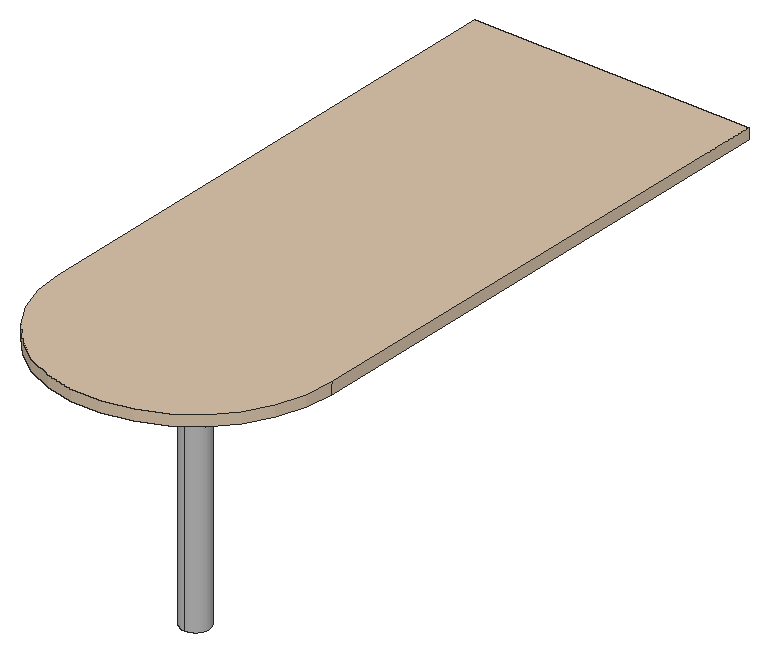
Revit family "Haworth_Compose_Worksurface_DShapedConvergent", category Furniture Systems, Revit 2018
Family settings
  Round Connector Dimension = Use Diameter
  Part Type = Normal
  OmniClass Number = 23.40.70.14.64.21.21
  OmniClass Title = Desk System
  Work Plane-Based = No
  Always vertical = Yes
  Cut with Voids When Loaded = No
  Shared = No
  Room Calculation Point = No
Parameters (values of type "72L 30d")
  Worksurface Finish = Haworth _ Laminate _ Maple H-AE
  Worksurface Edge Finish = Haworth _ Laminate _ Maple H-AE
  Warranty = "http://www.haworth.com/resources/product-info/warranties"
  URL - Product = "http://www.haworth.com/products/workspaces/panel-based/compose"
  Sustainability Info = "http://media.haworth.com/asset/2999/Compose%20PEDS.pdf"
  Support Finish = Haworth _ Paint _ Metallic Champagne
  Support Column = not(Disc Base Support)  # yes
  Standard Worksurface Thickness = not(Deep Worksurface Thickness)  # yes
  Radius = Actual Width / 2  # 15"
  Model = "WURD"  # constant formula
  Min. Height = 26"  # constant formula
  Max. Height = 42"  # constant formula
  Leg Location = 15"  # constant formula
  Type Comments = ""
  Length = 72"
  URL = "www.haworth.com"
  Support Height = Actual Height - Top Thickness  # 27 13/16"
  Size = "Verify Final Dim. w/ Haworth"  # constant formula
  Revision Number = "4"  # constant formula
  Standard Length = "36-72 in. @ 6 in. increments"  # constant formula
  Standard Widths = "18,24, 30 in."  # constant formula
  Min. Width = 36"  # constant formula
  Max. Width = 72"  # constant formula
  Min. Depth = 18"  # constant formula
  Max. Depth = 36"  # constant formula
  Manufacturer = "Haworth"  # constant formula
  Height = 29"
  End Support Location = 1 3/4"  # constant formula
  Disc Base Support = no
  Description = "Haworth - Worksurface - Compose Convergent - D-shaped"  # constant formula
  Depth = 30"
  Deep Worksurface Thickness = no
  Custom Size = not(and(and(not(Height > 32"), not(Height < 26")), or(Depth = 18", Depth = 24", Depth = 30", Depth = 36"), or(Length = 42", Length = 48", Length = 54", Length = 60", Length = 66", Length = 72", Length = 78", Length = 84", Length = 90", Length = 96")))  # no
  Cantilever Support Location = 1 3/4"  # constant formula
  Cantilever Bracket [instance] = no
  Author = "SHAPE Environments, LLC"  # constant formula
  Assembly Code = "E2020200"
  Actual Width = if(Depth > Max. Depth, Max. Depth, if(Depth < Min. Depth, Min. Depth, Depth))  # 30"
  Actual Length = if(Length > Max. Width, Max. Width, if(Length < Min. Width, Min. Width, Length))  # 72"
  Actual Height = if(Height > Max. Height, Max. Height, if(Height < Min. Height, Min. Height, Height))  # 29"
  Top Thickness = if(Deep Worksurface Thickness, 2", 1 3/16")  # 1 3/16"
Types (21): name | Radius | Length | Depth | Custom Size | Actual Width | Actual Length
  60L 30d | 15" | 60" | 30" | no | 30" | 60"
  72L 30d | 15" | 72" | 30" | no | 30" | 72"
  66L 30d | 15" | 66" | 30" | no | 30" | 66"
  54L 30d | 15" | 54" | 30" | no | 30" | 54"
  48L 30d | 15" | 48" | 30" | no | 30" | 48"
  42L 30d | 15" | 42" | 30" | no | 30" | 42"
  36L 30d | 15" | 36" | 30" | yes | 30" | 36"
  72L 24d | 12" | 72" | 24" | no | 24" | 72"
  66L 24d | 12" | 66" | 24" | no | 24" | 66"
  60L 24d | 12" | 60" | 24" | no | 24" | 60"
  54L 24d | 12" | 54" | 24" | no | 24" | 54"
  48L 24d | 12" | 48" | 24" | no | 24" | 48"
  42L 24d | 12" | 42" | 24" | no | 24" | 42"
  36L 24d | 12" | 36" | 24" | yes | 24" | 36"
  72L 18d | 9" | 72" | 18" | no | 18" | 72"
  66L 18d | 9" | 66" | 18" | no | 18" | 66"
  60L 18d | 9" | 60" | 18" | no | 18" | 60"
  54L 18d | 9" | 54" | 18" | no | 18" | 54"
  48L 18d | 9" | 48" | 18" | no | 18" | 48"
  42L 18d | 9" | 42" | 18" | no | 18" | 42"
  36L 18d | 9" | 36" | 18" | yes | 18" | 36"
Reference planes (in)
  plane 1 "Center F/B": y = 0
  plane 2 "Floor": z = 0
  plane 3 "Center L/R": x = 0
  plane 4 "Left": y = -36
  plane 5 "Right": y = 36
  plane 6 "Table Edge Back": x = 15
  plane 7 "Table Edge Front": x = -15
  plane 8 "Top": z = 29
  plane 9 "Top Bottom": z = 27.8125
  plane 10 "Masking Region": z = 27
  plane 11: y = -21
Forms (in)
  Extrusion 1, solid, material "Haworth _ Laminate _ Maple H-AE" <- "Worksurface Finish"
    sketch origin (0, 0, 0) x (0, 1, 0) y (-1, 0, 0)
      loop
        line (36, 15) -> (-21, 15)
        arc (-21, 15) -> (-36, 0) -> (-21, -15) r 15
        line (-21, -15) -> (36, -15) -> (36, 15)
    from 27.8125 to 29
Lines and regions (in)
  Masking region 1
    outline origin (0, 0, 27) x (0, -1, 0) y (1, 0, 0)
      loop
        line (-36, -15) -> (21, -15)
        arc (21, -15) -> (36, 0) -> (21, 15) r 15
        line (21, 15) -> (-36, 15) -> (-36, -15)
Dimensions and locks (in)
  "Actual Width": plane 7 "Table Edge Front" to plane 6 "Table Edge Back"
  "Actual Length": plane 4 "Left" to plane 5 "Right"
  "Actual Height": plane 8 "Top" to level
  "Top Thickness": plane 8 "Top" to plane 9 "Top Bottom"
  equal spacing: plane 7 "Table Edge Front", plane 3 "Center L/R", plane 6 "Table Edge Back"
  equal spacing: plane 5 "Right", plane 1 "Center F/B", plane 4 "Left"
  locked: plane 8 "Top" to plane 10 "Masking Region" at 2
  "Cantilever Support Location": plane 7 "Table Edge Front" to nested 4
  "Cantilever Support Location": nested 5 to plane 6 "Table Edge Back"
  "Radius": plane 4 "Left" to plane 11
  aligned and locked: Extrusion 1 sketch curve to plane 6 "Table Edge Back"
  aligned and locked: plane 7 "Table Edge Front" to Extrusion 1 sketch curve
  aligned and locked: plane 5 "Right" to Extrusion 1 sketch curve
  aligned and locked: Extrusion 1 to plane 8 "Top"
  aligned and locked: plane 9 "Top Bottom" to Extrusion 1
  aligned and locked: plane 3 "Center L/R" to nested 1
  aligned and locked: Masking region 1 sketch curve to plane 5 "Right"
  aligned and locked: plane 5 "Right" to nested 5
  aligned and locked: plane 5 "Right" to nested 4
  aligned and locked: nested 1 to plane 11
  aligned and locked: Masking region 1 to Extrusion 1
Automatic sketch dimensions
  plane 11 to Extrusion 1 sketch curve = 0"
  plane 11 to Masking region 1 sketch curve = 0"
  Masking region 1 sketch curve to plane 7 "Table Edge Front" = 0"
  plane 3 "Center L/R" to Masking region 1 sketch curve = 0"
Nested families (in)
  nested 1: "Haworth_Worksurface-Support_Part-Round" at (5.5, -21, 0) x (0, 1, 0) z (0, 0, 1), type "Base"
    with Disc Base no
  nested 2: "Haworth_Worksurface-Support_Part-Leg" at (-20.5, -5.76069, 0), type "Support"
  nested 3: "Haworth_Worksurface-Support_Part-Leg" at (20.5, -5.76069, 0) x (-1, 0, 0) z (0, 0, 1), type "Support"
  nested 4: "Haworth_Worksurface-Support_Part-Cantilever-Compose" at (-23.32813, 28.86431, 0), type "Support"
    with Cantilever Bracket no
  nested 5: "Haworth_Worksurface-Support_Part-Cantilever-Compose" at (23.32813, 28.86431, 0) x (-1, 0, 0) z (0, 0, 1), type "Support"
    with Cantilever Bracket no
Definition of nested family "Haworth_Worksurface-Support_Part-Round"
  Parameters
    Warranty = ""
    URL - Product = ""
    URL = "www.haworth.com"
    Support Column = yes
    Leg Height = 27 13/16"
    Disc Radius = 10 1/2"
    Disc Base = yes
    Base Finish = none
    Sustainability Info = ""
    Size = "Verify Final Dim. w/ Haworth"  # constant formula
    Revision Number = ""
    OmniClass Number = ""
    Material Options = ""
    Manufacturer = "Haworth"  # constant formula
    LEED Data = ""
    Author = "SHAPE Environments, LLC"  # constant formula
    Assembly Code = ""
  Reference planes (in)
    plane 1 "Center F/B": y = 5.5
    plane 2: z = 0
    plane 3 "Center L/R": x = 0
    plane 4 "Table Bottom": z = 27.8125
  Forms (in)
    Revolve 1, solid, material <- "Base Finish", visible <- "Disc Base"
      sketch origin (0, 5.5, 0) x (1, 0, 0) y (0, 0, 1)
        loop
          line (0, 27.8125) -> (-1.5, 27.8125) -> (-1.5, 1.25) -> (-3.53244, 1.25) -> (-4.28244, 0.5) -> (-10.5, 0.5) -> (-10.5, 0) -> (0, 0) -> (0, 27.8125)
        axis (0, 27.8125) -> (0, 0)
      angle from 0 to 360
    Revolve 2, solid, material <- "Base Finish", visible <- "Support Column"
      sketch origin (0, 5.5, 0) x (1, 0, 0) y (0, 0, 1)
        loop
          line (0, 27.8125) -> (-1.5, 27.8125) -> (-1.5, 0) -> (0, 0) -> (0, 27.8125)
        axis (0, 27.8125) -> (0, 0)
      angle from 0 to 360
  Lines and regions (in)
    symbolic lines, visible <- "Disc Base", detail levels fine
      curve 1: circle (0, 5.5, 0) r 10.5 normal (0, 0, 1)
      curve 3: circle (0, 5.5, 0) r 1.5 normal (0, 0, 1)
    symbolic lines, visible <- "Support Column", detail levels fine
      curve 2: circle (0, 5.5, 0) r 1.5 normal (0, 0, 1)
  Dimensions and locks (in)
    "Disc Radius": plane 3 "Center L/R" to Revolve 1 sketch curve
    "Leg Height": plane 4 "Table Bottom" to level
    plane 3 "Center L/R" to Revolve 1 sketch curve = 1 1/2"
    locked: plane 3 "Center L/R" to Revolve 2 sketch curve at 1.5
    aligned and locked: Revolve 1 to plane 4 "Table Bottom"  (x2)
  Automatic sketch dimensions
    Revolve 1 sketch curve to level = 0"
    Revolve 1 sketch curve to plane 4 "Table Bottom" = 0"
    Revolve 1 sketch curve to plane 3 "Center L/R" = 0"  (x2)
    Revolve 1 sketch curve to Revolve 1 sketch curve = 2.03244"
    level to Revolve 1 sketch curve = 1/2"
    Revolve 1 sketch curve to Revolve 1 sketch curve = 3/4"
    Revolve 1 sketch curve to Revolve 1 sketch curve = 6.24462"
    level to Revolve 1 sketch curve = 1 1/4"
    Revolve 1 sketch curve to Revolve 1 sketch curve = 7.21204"
    Revolve 2 sketch curve to plane 4 "Table Bottom" = 0"
    Revolve 2 sketch curve to plane 3 "Center L/R" = 0"  (x2)
    Revolve 2 sketch curve to Revolve 2 sketch curve = 6.24462"
    Revolve 2 sketch curve to Revolve 2 sketch curve = 7.21204"
    Revolve 2 sketch curve to level = 0"
    curve 1 to curve 2 = 0"  (x2)
    curve 1 to curve 3 = 0"  (x2)
    curve 2 to curve 3 = 0"  (x2)
    plane 1 "Center F/B" to curve 2 = 0"
    curve 2 to plane 3 "Center L/R" = 0"
    radius of curve 1 = 10 1/2"
    radius of curve 2 = 1 1/2"
    radius of curve 3 = 1 1/2"
Definition of nested family "Haworth_Worksurface-Support_Part-Leg"
  Parameters
    Top Thickness = 1 3/16"
    Support Post Standard = no
    Support Post 45 Degree = no
    Support Height = Actual Height - Top Thickness  # 27 13/16"
    Model = "Worksurface"
    Worksurface Height = 29"
    Warranty = "www.haworth.com/en-us/Products/Pages/Certifications.aspx"
    URL - Product = "www.haworth.com/en-us/Products/Furniture/Systems/Desking-Systems/Pages/Compose.aspx"
    URL = "www.haworth.com"
    Sustainability Info = "www.haworth.com/en-us/About-Us/Sustainability/Pages/Vision.aspx"
    Support Finish = none
    Size = "Verify Final Dim. w/ Haworth"  # constant formula
    Revision Number = "1"  # constant formula
    Min/Max Height = "26-32 in."  # constant formula
    Min. Height = 20"  # constant formula
    Max. Height = 48"  # constant formula
    Manufacturer = "Haworth"  # constant formula
    LEED Data = "www.haworth.com/_layouts/Haworth.ProductCatalog/Handlers/GetAsset.ashx/ComposeLEEDContributions.pdf?cid=27&rid=1824&type=Leed"
    Description = "Worksurface Support"  # constant formula
    Author = "SHAPE Environments, LLC"  # constant formula
    Assembly Code = "E2020200"
    Actual Top Thickness = if(Top Thickness > 3", 3", if(Top Thickness < 1", 1", Top Thickness))  # 1 3/16"
    Actual Height = 29"
  Reference planes (in)
    plane 1: z = 0
    plane 2 "Center L/R": x = 8.5
    plane 3 "Support Top": z = 27.8125
    plane 4 "Center F/B": y = -21.23931
  Forms (in)
    Extrusion 1, solid, material <- "Support Finish", visible <- "Support Post Standard"
      sketch origin (0, 0, 0) x (1, 0, 0) y (0, 1, 0)
        loop
          line (7.75, -22.86431) -> (9.25, -22.86431) -> (9.25, -19.61431) -> (7.75, -19.61431) -> (7.75, -22.86431)
      from 0 to 27.8125
    Extrusion 2, solid, material <- "Support Finish", visible <- "Support Post 45 Degree"
      sketch origin (17.50805, -0.21044, 0) x (0.707107, -0.707107, 0) y (0.707107, 0.707107, 0)
        loop
          line (7.75, -22.86431) -> (9.25, -22.86431) -> (9.25, -19.61431) -> (7.75, -19.61431) -> (7.75, -22.86431)
      from 0 to 27.8125
  Lines and regions (in)
    symbolic lines, visible <- "Support Post Standard", detail levels fine
      curve 1: line (7.75, -19.61431, 0) -> (9.25, -19.61431, 0)
      curve 2: line (7.75, -22.86431, 0) -> (7.75, -19.61431, 0)
      curve 3: line (9.25, -22.86431, 0) -> (7.75, -22.86431, 0)
      curve 4: line (9.25, -19.61431, 0) -> (9.25, -22.86431, 0)
    symbolic lines, visible <- "Support Post 45 Degree", detail levels fine
      curve 5: line (6.82062, -21.85803, 0) -> (9.11872, -19.55993, 0)
      curve 6: line (9.11872, -19.55993, 0) -> (10.17938, -20.62059, 0)
      curve 7: line (10.17938, -20.62059, 0) -> (7.88128, -22.91869, 0)
      curve 8: line (7.88128, -22.91869, 0) -> (6.82062, -21.85803, 0)
  Dimensions and locks (in)
    "Support Height": plane 3 "Support Top" to level
    aligned and locked: plane 3 "Support Top" to Extrusion 1
    aligned and locked: plane 3 "Support Top" to Extrusion 2
  Automatic sketch dimensions
    Extrusion 1 sketch curve to plane 4 "Center F/B" = 1 5/8"
    plane 2 "Center L/R" to Extrusion 1 sketch curve = 3/4"
    Extrusion 1 sketch curve to plane 2 "Center L/R" = 3/4"
    plane 4 "Center F/B" to Extrusion 1 sketch curve = 1 5/8"
    plane 2 "Center L/R" to Extrusion 2 sketch curve = 0.61872"
    Extrusion 2 sketch curve to plane 4 "Center F/B" = 1.67938"
    Extrusion 2 sketch curve to Extrusion 2 sketch curve = 1 1/2"
    Extrusion 2 sketch curve to Extrusion 2 sketch curve = 3 1/4"
    plane 4 "Center F/B" to curve 5 = 0.61872"
    curve 2 to plane 2 "Center L/R" = 3/4"
    curve 2 to curve 7 = 0.13128"
    plane 2 "Center L/R" to curve 6 = 0.61872"
    curve 5 to curve 4 = 0.13128"
    curve 6 to plane 4 "Center F/B" = 0.61872"
    curve 1 to curve 6 = 0.92938"
    curve 7 to curve 2 = 0.05438"
    curve 1 to curve 5 = 0.05438"
Definition of nested family "Haworth_Worksurface-Support_Part-Cantilever-Compose"
  Parameters
    Worksurface Height = 29"
    Worksurface Depth = 30"
    Warranty = ""
    URL - Product = ""
    URL = "www.haworth.com"
    Top Thickness = 1 3/16"
    Sustainability Info = ""
    Support Thickness = 3/32"  # constant formula
    Support Height = Actual Height - Top Thickness  # 27 13/16"
    Support Finish = none
    Support Depth = 16"  # constant formula
    Size = "Verify Final Dim. w/ Haworth"  # constant formula
    Revision Number = "1"  # constant formula
    Model = "Worksurface"
    Standard Height = "12.75 in."  # constant formula
    Standard Depth = "15.75 in."  # constant formula
    Min. Height = 20"  # constant formula
    Min. Depth = 18"  # constant formula
    Max. Height = 48"  # constant formula
    Max. Depth = 36"  # constant formula
    Manufacturer = "Haworth"  # constant formula
    LEED Data = ""
    Description = "Worksurface Support End"  # constant formula
    Cantilever Bracket = yes
    Bottom Strut Thickness = 1"  # constant formula
    Bottom Strut Location = 9"  # constant formula
    Author = "SHAPE Environments, LLC"  # constant formula
    Assembly Code = ""
    Actual Top Thickness = if(Top Thickness > 3", 3", if(Top Thickness < 1", 1", Top Thickness))  # 1 3/16"
    Actual Height = 29"
    Actual Depth = 30"
  Reference planes (in)
    plane 1: z = 0
    plane 2 "Center L/R": x = 8.5
    plane 3 "Support Left Edge": x = 8.45312
    plane 4 "Support Right Edge": x = 8.54688
    plane 5 "Back": y = 7.13569
    plane 6 "Front": y = -8.86431
    plane 7 "Support Top": z = 27.8125
  Forms (in)
    Extrusion 1, solid, material <- "Support Finish", visible <- "Cantilever Bracket"
      sketch origin (8.45312, 0, 0) x (0, -1, 0) y (0, 0, 1)
        loop
          line (-7.13569, 27.71875) -> (-7.13569, 18.71875) -> (-6.51069, 18.71875) -> (8.86431, 27.23304) -> (8.86431, 27.71875) -> (-7.13569, 27.71875)
        loop
          line (-2.13709, 26.21875) -> (-3.85577, 26.21875)
          arc (-3.85577, 26.21875) -> (-3.91832, 26.2108) -> (-3.97688, 26.18745) r 0.25
          line (-3.97688, 26.18745) -> (-5.94171, 25.09938)
          arc (-5.94171, 25.09938) -> (-5.99206, 25.0533) -> (-6.01069, 24.98764) r 0.125
          line (-6.01069, 24.98764) -> (-6.01069, 24.06204)
          arc (-6.01069, 24.06204) -> (-5.88914, 23.84756) -> (-5.64268, 23.84164) r 0.25
          line (-5.64268, 23.84164) -> (-2.03161, 25.84136)
          arc (-2.03161, 25.84136) -> (-1.94116, 26.07007) -> (-2.13709, 26.21875) r 0.20343
      from 0 to -0.09375
    Extrusion 2, solid, material <- "Support Finish", visible <- "Cantilever Bracket"
      sketch origin (0, 0, 27.8125) x (-1, 0, 0) y (0, -1, 0)
        loop
          line (-8.45313, -6.51069) -> (-8.45312, 8.86431) -> (-10.07812, 8.86431) -> (-10.07813, -6.51069) -> (-8.45313, -6.51069)
      from 0 to -0.09375
  Cuts and joins
    joined: Extrusion 1, Extrusion 2
  Lines and regions (in)
    symbolic lines, visible <- "Cantilever Bracket", detail levels fine
      curve 1: line (8.45312, 7.13569, 0) -> (8.54688, 7.13569, 0)
      curve 2: line (8.45312, -8.86431, 0) -> (8.45312, 7.13569, 0)
      curve 3: line (10.07813, -8.86431, 0) -> (8.45312, -8.86431, 0)
      curve 4: line (8.54688, 7.13569, 0) -> (8.54688, 6.51069, 0)
      curve 5: line (8.54688, 6.51069, 0) -> (10.07813, 6.51069, 0)
      curve 6: line (10.07813, 6.51069, 0) -> (10.07813, -8.86431, 0)
  Dimensions and locks (in)
    "Support Thickness": plane 3 "Support Left Edge" to plane 4 "Support Right Edge"
    equal spacing: plane 3 "Support Left Edge", plane 2 "Center L/R", plane 4 "Support Right Edge"
    "Support Depth": plane 5 "Back" to plane 6 "Front"
    "Support Height": plane 7 "Support Top" to level
    locked: Extrusion 1 sketch curve to Extrusion 1 sketch curve at 9
    locked: Extrusion 1 sketch curve to Extrusion 1 sketch curve at 1.125
    locked: Extrusion 1 sketch curve to Extrusion 1 sketch curve at 1.5
    aligned and locked: plane 4 "Support Right Edge" to Extrusion 1
    aligned and locked: plane 7 "Support Top" to Extrusion 2
  Automatic sketch dimensions
    Extrusion 2 sketch curve to plane 6 "Front" = 0"
    Extrusion 2 sketch curve to plane 3 "Support Left Edge" = 0"
    plane 4 "Support Right Edge" to Extrusion 2 sketch curve = 1 17/32"
    Extrusion 2 sketch curve to plane 5 "Back" = 5/8"
    Extrusion 1 sketch curve to plane 5 "Back" = 0"
    Extrusion 1 sketch curve to plane 6 "Front" = 0"
    Extrusion 1 sketch curve to plane 5 "Back" = 5/8"
    Extrusion 1 sketch curve to Extrusion 1 sketch curve = 0.06898"
    Extrusion 1 sketch curve to Extrusion 1 sketch curve = 1/8"
    Extrusion 1 sketch curve to Extrusion 1 sketch curve = 1/4"  (x2)
    Extrusion 1 sketch curve to Extrusion 1 sketch curve = 0.11801"
    Extrusion 1 sketch curve to Extrusion 1 sketch curve = 1 247/256"
    Extrusion 1 sketch curve to Extrusion 1 sketch curve = 31/256"
    Extrusion 1 sketch curve to Extrusion 1 sketch curve = 1.71868"
    Extrusion 1 sketch curve to Extrusion 1 sketch curve = 27/256"
    Extrusion 1 sketch curve to plane 7 "Support Top" = 9 3/32"
    Extrusion 1 sketch curve to Extrusion 1 sketch curve = 2.37711"
    Extrusion 1 sketch curve to Extrusion 1 sketch curve = 0.9256"
    Extrusion 1 sketch curve to Extrusion 1 sketch curve = 0.37739"
    Extrusion 1 sketch curve to Extrusion 1 sketch curve = 0.48571"
    curve 3 to plane 3 "Support Left Edge" = 0"
    curve 1 to plane 4 "Support Right Edge" = 0"
    curve 6 to plane 6 "Front" = 0"
    curve 4 to plane 5 "Back" = 0"
    curve 6 to plane 5 "Back" = 5/8"
    plane 4 "Support Right Edge" to curve 6 = 1 17/32"
